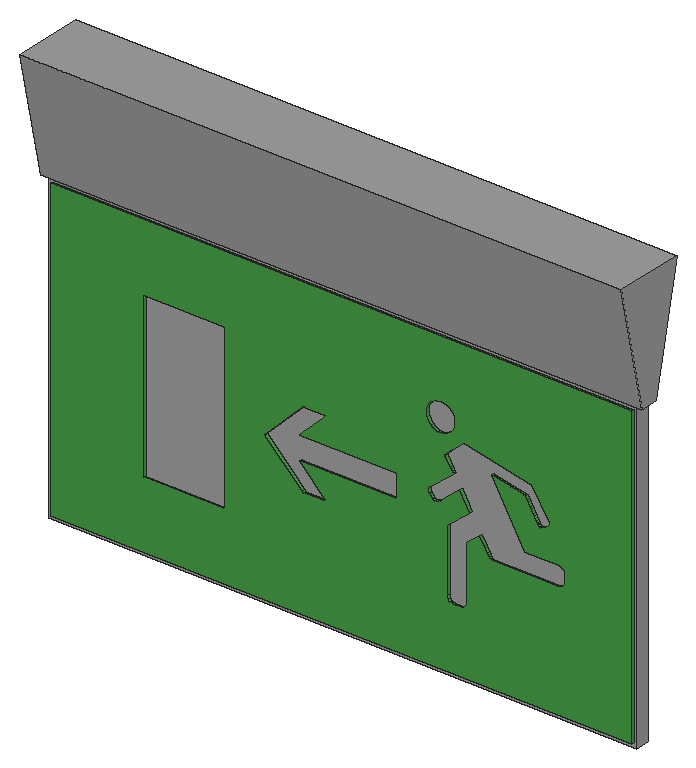
Revit family "ExiLED M ST LED (venstre_takmontasje)", category Lighting Fixtures, Revit 2013
Parameters (values of type "44m")
  Width Top = 53 mm
  Width = 10 mm
  Wattage Comments = "17 W"
  Wattage = 9.2903 W
  built-in parameter 1150110 = 1 (stored number, unit not read)
  Voltage = 230 V
  URL = ""
  built-in parameter 1114217 = 1 (stored number, unit not read)
  Tilt Angle = 90.00°
  built-in parameter 1150109 = 1 (stored number, unit not read)
  built-in parameter 1150134 = 3
  Symbol Positive Direction [instance] = yes
  Symbol Offset Side [instance] = 0 mm
  Symbol Offset Out [instance] = 0 mm
  built-in parameter 1150113 = 1 (stored number, unit not read)
  Reference Line Out [instance] = 31.983 mm
  Photometric Web File = "20x42A12.ies"
  Number of Poles = 1
  built-in parameter 1150105 = 109.82 (stored number, unit not read)
  Lumens = 1380 lm
  built-in parameter 1150115 = 1 (stored number, unit not read)
  Load Classification [instance] = Other
  Model = ""
  Manufacturer = ""
  built-in parameter 1150137 = (empty or 0)
  built-in parameter 1150139 = (empty or 0)
  Length = 455 mm
  built-in parameter 1150112 = 1 (stored number, unit not read)
  built-in parameter 1150114 = 1 (stored number, unit not read)
  Lamp = "1"
  built-in parameter 1150132 = (empty or 0)
  built-in parameter 1150102 = (empty or 0)
  built-in parameter 1150107 = 3200 (stored number, unit not read)
  built-in parameter 1150138 = (empty or 0)
  built-in parameter 1150106 = 1.0982 (stored number, unit not read)
  Height 1 = 232 mm
  Height = 322 mm
  built-in parameter 1150127 = Width  # 10 mm
  Emit from Rectangle Length = Length  # 455 mm
  Emit Shape Visible in Rendering = no
  built-in parameter 1150104 = 13.8 (stored number, unit not read)
  Dimming Lamp Color Temperature Shift = <None>
  Description = ""
  Color Filter = 16777215
  Body Material and Colour = Default
  built-in parameter 1114218 = 1 (stored number, unit not read)
  Emit from Rectangle Width = 3048 mm
  Assembly Code = ""
  Apparent Load = 17 VA
  44m = yes
  34m = no
  22m = no
Types (3, lengths in mm): name | Length | Height 1 | Height | Emit from Rectangle Length | 44m | 34m | 22m
  22m | 265 | 132 | 222 | 265 | no | no | yes
  34 m | 365 | 182 | 272 | 365 | no | yes | no
  44m | 455 | 232 | 322 | 455 | yes | no | no
Reference planes
  plane 1 "Light Source Axis (F/B)": y = 119.961
  plane 2 "Top": z = 83
  plane 3 "Light Source Axis (L/R)": x = 0
  plane 4 "Level": z = 0
  plane 5 "Bottom": z = -322
  plane 6: x = -227.5
  plane 7: x = 227.5
  plane 8: y = 124.961
  plane 9: y = 114.961
  plane 10: y = 126.961
  plane 11: y = 112.961
  plane 12: z = -90
  plane 13: y = 146.461
  plane 14: y = 93.461
  plane 15: x = -222.5
  plane 16: x = 222.5
  plane 17: z = -206
Forms (mm)
  Extrusion 1, solid, material "Default" <- "Body Material and Colour"
    sketch origin (0, 0, 0) x (0, 1, 0) y (0, 0, 1)
      loop
        line (124.961, -90) -> (114.961, -90) -> (114.961, -322) -> (124.961, -322) -> (124.961, -90)
    from -222.5 to 222.5
  Extrusion 2, solid, material "Default" <- "Body Material and Colour"
    sketch origin (0, 0, 0) x (0, 1, 0) y (0, 0, 1)
      loop
        line (93.461, 0) -> (112.961, -90) -> (126.961, -90) -> (146.461, 0) -> (93.461, 0)
    from -227.5 to 227.5
Lines and regions (mm)
  model lines, style "InvisibleLines"
    curve 1: line (0, 119.961, 0) -> (0, 151.943, 0)
Dimensions and locks
  "Height": plane 4 "Level" to plane 5 "Bottom"
  equal spacing: plane 6, plane 3 "Light Source Axis (L/R)", plane 7
  "Length": plane 6 to plane 7
  equal spacing: plane 8, plane 1 "Light Source Axis (F/B)", plane 9
  "Width": plane 8 to plane 9
  locked: plane 10 to plane 8 at 2
  locked: plane 9 to plane 11 at 2
  equal spacing: plane 13, plane 1 "Light Source Axis (F/B)", plane 14
  "Width Top": plane 13 to plane 14
  locked: plane 15 to plane 6 at 5
  locked: plane 7 to plane 16 at 5
  "Height 1": plane 12 to plane 5 "Bottom"
  equal spacing: plane 12, plane 17, plane 5 "Bottom"
  "Reference Line Out": plane 1 "Light Source Axis (F/B)" to curve 1
  aligned and locked: plane 4 "Level" to level
  aligned and locked: imposter light to plane 5 "Bottom"
  aligned and locked: plane 9 to Extrusion 1 sketch curve
  aligned and locked: plane 8 to Extrusion 1 sketch curve
  aligned and locked: Extrusion 1 sketch curve to plane 12
  aligned and locked: plane 4 "Level" to Extrusion 2 sketch curve
  aligned and locked: plane 12 to Extrusion 2 sketch curve
  aligned and locked: plane 13 to Extrusion 2 sketch curve
  aligned and locked: plane 14 to Extrusion 2 sketch curve
  aligned and locked: plane 11 to Extrusion 2 sketch curve
  aligned and locked: plane 10 to Extrusion 2 sketch curve
  aligned and locked: Extrusion 2 to plane 6
  aligned and locked: plane 7 to Extrusion 2
  aligned and locked: Extrusion 1 to plane 15
  aligned and locked: Extrusion 1 to plane 16
  aligned and locked: Extrusion 1 to plane 8
  aligned and locked: plane 9 to nested 1
  aligned and locked: plane 17 to nested 1
  aligned and locked: plane 3 "Light Source Axis (L/R)" to nested 1
  aligned and locked: plane 9 to nested 3
  aligned and locked: plane 17 to nested 3
  aligned and locked: nested 3 to plane 3 "Light Source Axis (L/R)"
  aligned and locked: plane 3 "Light Source Axis (L/R)" to nested 4
  aligned and locked: plane 9 to nested 4
  aligned and locked: plane 17 to nested 4
  aligned and locked: plane 8 to nested 5
  aligned and locked: plane 8 to nested 6
  aligned and locked: nested 5 to plane 17
  aligned and locked: nested 6 to plane 17
  aligned and locked: plane 3 "Light Source Axis (L/R)" to nested 7
  aligned and locked: plane 1 "Light Source Axis (F/B)" to nested 7
  aligned and locked: plane 1 "Light Source Axis (F/B)" to curve 1
  aligned and locked: plane 3 "Light Source Axis (L/R)" to curve 1
Automatic sketch dimensions
  Extrusion 1 sketch curve to plane 5 "Bottom" = 0 mm
Nested families
  nested 1: "22m_venstre" at (0, 114.961, -206), visible <- "22m", type "22m"
  nested 2: "22m_venstre" at (0, 124.961, -156), visible <- "22m", type "22m"
  nested 3: "34m_venstre" at (0, 114.961, -206), visible <- "34m", type "34m"
  nested 4: "44m_venstre" at (0, 114.961, -206), visible <- "44m", type "44m"
  nested 5: "44m_venstre" at (0, 124.961, -206), visible <- "44m", type "44m"
  nested 6: "34m_venstre" at (0, 124.961, -206), visible <- "34m", type "34m"
  nested 7: "MarkeringslysTakS" at (0, 119.961, 0), type "Type 1"
Connectors
  electrical at (0, 119.961, 0), driven by "Number of Poles", driven by "Load Classification", driven by "Voltage", driven by "Apparent Load"
    settings: on Extrusion 2, index 1, voltage 230 V, apparent load 0 VA, apparent load phase1 17 VA, apparent load phase2 0 VA, apparent load phase3 0 VA, power factor 1, load classification "Other", number of poles 1, system type 31, power factor state 1, is connector primary yes, connector utility no, sub classification motor no, connector description ""
Definition of nested family "22m_venstre"
  Parameters (values of type "22m")
    Material = yes
  Reference planes
    plane 1 "Center (Front/Back)": y = 0
    plane 2: z = 0
    plane 3 "Center (Left/Right)": x = 0
    plane 4: y = -2
  Forms (mm)
    Extrusion 1, solid, material "Green", visible <- "Material"
      sketch origin (0, 0, 0) x (1, 0, 0) y (0, 0, 1)
        loop
          line (-124.5, 63) -> (-124.5, -63) -> (124.5, -63) -> (124.5, 63) -> (-124.5, 63)
        loop
          line (-20.202, -19.415) -> (-8.731, -19.415) -> (-22.113, -6.032) -> (25.681, -6.032) -> (25.681, 5.438) -> (-22.113, 5.438) -> (-8.731, 18.821) -> (-20.202, 18.821) -> (-39.319, -0.297) -> (-20.202, -19.415)
        loop
          circle (47.537, 37.911) r 7
        loop
          line (53.27, 25.598) -> (49.62, 21.947) -> (53.713, 14.858) -> (42.09, 5.106)
          arc (42.09, 5.106) -> (41.405, 3.789) -> (41.851, 2.374) r 1.939
          line (41.851, 2.374) -> (43.513, 0.393)
          arc (43.513, 0.393) -> (44.83, -0.292) -> (46.245, 0.154) r 1.939
          line (46.245, 0.154) -> (56.994, 9.174) -> (61.917, 0.649) -> (50.626, -8.825) -> (50.626, -39.679)
          arc (50.626, -39.679) -> (51.573, -41.964) -> (53.858, -42.911) r 3.232
          line (53.858, -42.911) -> (57.089, -42.911)
          arc (57.089, -42.911) -> (59.374, -41.964) -> (60.321, -39.679) r 3.232
          line (60.321, -39.679) -> (60.321, -13.346) -> (66.839, -7.877) -> (72.002, -16.82) -> (105.564, -16.82)
          arc (105.564, -16.82) -> (107.849, -15.873) -> (108.796, -13.588) r 3.232
          line (108.796, -13.588) -> (108.796, -10.356)
          arc (108.796, -10.356) -> (107.849, -8.071) -> (105.564, -7.125) r 3.232
          line (105.564, -7.125) -> (88.794, -7.125) -> (72.518, 21.066) -> (89.335, 17.791) -> (95.393, 7.3)
          arc (95.393, 7.3) -> (96.619, 6.384) -> (98.128, 6.643) r 1.939
          line (98.128, 6.643) -> (100.367, 8.097)
          arc (100.367, 8.097) -> (101.208, 9.32) -> (100.937, 10.78) r 1.939
          line (100.937, 10.78) -> (92.509, 23.758) -> (58.881, 30.306) -> (53.27, 25.598)
        loop
          line (-59.537, 40.411) -> (-99.537, 40.411) -> (-99.537, -40.411) -> (-59.537, -40.411) -> (-59.537, 40.411)
      from 0 to 2
  Dimensions and locks
    aligned and locked: level to plane 2
    aligned and locked: plane 4 to Extrusion 1
    aligned and locked: Extrusion 1 to plane 1 "Center (Front/Back)"
    aligned and locked: Extrusion 1 to plane 4
Definition of nested family "34m_venstre"
  Parameters (values of type "34m")
    Material = yes
  Reference planes
    plane 1 "Center (Front/Back)": y = 0
    plane 2: z = 0
    plane 3 "Center (Left/Right)": x = 0
    plane 4: y = -2
  Forms (mm)
    Extrusion 1, solid, material "Green", visible <- "Material"
      sketch origin (0, 0, 0) x (1, 0, 0) y (0, 0, 1)
        loop
          line (-177, 88) -> (-177, -88) -> (177, -88) -> (177, 88) -> (-177, 88)
        loop
          line (-27.78, -24.929) -> (-13.051, -24.929) -> (-30.235, -7.745) -> (31.134, -7.745) -> (31.134, 6.983) -> (-30.235, 6.983) -> (-13.051, 24.166) -> (-27.78, 24.166) -> (-52.327, -0.381) -> (-27.78, -24.929)
        loop
          circle (59.197, 48.678) r 8.988
        loop
          line (66.559, 32.868) -> (61.872, 28.181) -> (67.127, 19.078) -> (52.204, 6.556)
          arc (52.204, 6.556) -> (51.324, 4.865) -> (51.897, 3.048) r 2.49
          line (51.897, 3.048) -> (54.031, 0.505)
          arc (54.031, 0.505) -> (55.721, -0.375) -> (57.538, 0.198) r 2.49
          line (57.538, 0.198) -> (71.341, 11.78) -> (77.661, 0.833) -> (63.164, -11.332) -> (63.164, -50.949)
          arc (63.164, -50.949) -> (64.379, -53.883) -> (67.313, -55.098) r 4.149
          line (67.313, -55.098) -> (71.463, -55.098)
          arc (71.463, -55.098) -> (74.397, -53.883) -> (75.612, -50.949) r 4.149
          line (75.612, -50.949) -> (75.612, -17.137) -> (83.981, -10.114) -> (90.611, -21.597) -> (133.705, -21.597)
          arc (133.705, -21.597) -> (136.639, -20.381) -> (137.855, -17.447) r 4.149
          line (137.855, -17.447) -> (137.855, -13.298)
          arc (137.855, -13.298) -> (136.639, -10.364) -> (133.705, -9.148) r 4.149
          line (133.705, -9.148) -> (112.172, -9.148) -> (91.274, 27.049) -> (112.867, 22.844) -> (120.645, 9.373)
          arc (120.645, 9.373) -> (122.22, 8.197) -> (124.157, 8.53) r 2.49
          line (124.157, 8.53) -> (127.032, 10.397)
          arc (127.032, 10.397) -> (128.111, 11.967) -> (127.764, 13.841) r 2.49
          line (127.764, 13.841) -> (116.942, 30.506) -> (73.764, 38.913) -> (66.559, 32.868)
        loop
          line (-78.287, 51.888) -> (-129.647, 51.888) -> (-129.647, -51.888) -> (-78.287, -51.888) -> (-78.287, 51.888)
      from 0 to 2
  Dimensions and locks
    aligned and locked: level to plane 2
    aligned and locked: plane 4 to Extrusion 1
    aligned and locked: Extrusion 1 to plane 1 "Center (Front/Back)"
    aligned and locked: Extrusion 1 to plane 4
Definition of nested family "44m_venstre"
  Parameters (values of type "44m")
    Material = yes
  Reference planes
    plane 1 "Center (Front/Back)": y = 0
    plane 2: z = 0
    plane 3 "Center (Left/Right)": x = 0
    plane 4: y = -2
  Forms (mm)
    Extrusion 1, solid, material "Green", visible <- "Material"
      sketch origin (0, 0, 0) x (1, 0, 0) y (0, 0, 1)
        loop
          line (-220, 113) -> (-220, -113) -> (220, -113) -> (220, 113) -> (-220, 113)
        loop
          line (-27.989, -29.761) -> (-10.405, -29.761) -> (-30.919, -9.247) -> (42.345, -9.247) -> (42.345, 8.337) -> (-30.919, 8.337) -> (-10.405, 28.851) -> (-27.989, 28.851) -> (-57.295, -0.455) -> (-27.989, -29.761)
        loop
          circle (75.849, 58.115) r 10.73
        loop
          line (84.638, 39.24) -> (79.042, 33.644) -> (85.317, 22.776) -> (67.5, 7.827)
          arc (67.5, 7.827) -> (66.45, 5.809) -> (67.134, 3.639) r 2.972
          line (67.134, 3.639) -> (69.681, 0.603)
          arc (69.681, 0.603) -> (71.699, -0.447) -> (73.869, 0.237) r 2.972
          line (73.869, 0.237) -> (90.347, 14.064) -> (97.892, 0.994) -> (80.585, -13.528) -> (80.585, -60.825)
          arc (80.585, -60.825) -> (82.036, -64.328) -> (85.539, -65.779) r 4.954
          line (85.539, -65.779) -> (90.492, -65.779)
          arc (90.492, -65.779) -> (93.995, -64.328) -> (95.446, -60.825) r 4.954
          line (95.446, -60.825) -> (95.446, -20.459) -> (105.438, -12.075) -> (113.353, -25.783) -> (164.801, -25.783)
          arc (164.801, -25.783) -> (168.304, -24.332) -> (169.755, -20.829) r 4.954
          line (169.755, -20.829) -> (169.755, -15.876)
          arc (169.755, -15.876) -> (168.304, -12.373) -> (164.801, -10.922) r 4.954
          line (164.801, -10.922) -> (139.094, -10.922) -> (114.144, 32.293) -> (139.923, 27.273) -> (149.208, 11.19)
          arc (149.208, 11.19) -> (151.089, 9.786) -> (153.401, 10.183) r 2.972
          line (153.401, 10.183) -> (156.834, 12.413)
          arc (156.834, 12.413) -> (158.123, 14.287) -> (157.708, 16.524) r 2.972
          line (157.708, 16.524) -> (144.788, 36.42) -> (93.24, 46.457) -> (84.638, 39.24)
        loop
          line (-88.287, 61.947) -> (-149.604, 61.947) -> (-149.604, -61.947) -> (-88.287, -61.947) -> (-88.287, 61.947)
      from 0 to 2
  Dimensions and locks
    aligned and locked: level to plane 2
    aligned and locked: plane 4 to Extrusion 1
    aligned and locked: Extrusion 1 to plane 1 "Center (Front/Back)"
    aligned and locked: Extrusion 1 to plane 4
Definition of nested family "MarkeringslysTakS"
  Parameters (values of type "Type 1")
    CQ Symbol Positive Direction = yes
    CQ Symbol Negative Direction = not(CQ Symbol Positive Direction)  # no
    CQ Symbol Offset Side = 0 mm
    CQ Symbol Offset Out = 0 mm
  Reference planes
    plane 1: y = 0
    plane 2: x = 0
  Dimensions and locks
    "CQ Symbol Offset Out": plane 1 to nested 1
    "CQ Symbol Offset Out": plane 1 to nested 2
    "CQ Symbol Offset Side": plane 2 to nested 2
    "CQ Symbol Offset Side": nested 1 to plane 2
  Nested families
    nested 1: "LedelysSub" at (0, 0, 0), visible <- "CQ Symbol Negative Direction", type "Type 1"
    nested 2: "LedelysSub" at (0, 0, 0), visible <- "CQ Symbol Positive Direction", type "Type 1"
  Definition of nested family "LedelysSub"
    Reference planes
      plane 1: y = 0
      plane 2: x = 0
    Lines and regions (mm)
      Filled region 1, type "Filled region 1"
        outline origin (64.576, 51.459, 0) x (1, 0, 0) y (0, 1, 0)
          loop
            arc (-65.575, -52.307) -> (-65.224, -51.459) -> (-65.575, -50.61) r 1.2
            line (-65.575, -50.61) -> (-66.424, -51.459) -> (-65.575, -52.307)
      Filled region 2, type "Filled region 1"
        outline origin (-68.271, 51.459, 0) x (0, 1, 0) y (-1, 0, 0)
          loop
            line (-52.307, -65.575) -> (-51.459, -66.424) -> (-50.61, -65.575)
            arc (-50.61, -65.575) -> (-51.459, -65.224) -> (-52.307, -65.575) r 1.2
      detail lines
        curve 1: line (-4, -2, 0) -> (4, -2, 0)
        curve 2: line (4, -2, 0) -> (4, 2, 0)
        curve 3: line (4, 2, 0) -> (-4, 2, 0)
        curve 4: line (-4, 2, 0) -> (-4, -2, 0)
        curve 5: line (-3.097, -1.25, 0) -> (-0.597, 1.25, 0)
        curve 6: line (-3.097, 1.25, 0) -> (-0.597, -1.25, 0)
        curve 7: circle (-1.847, 0, 0) r 1.2 normal (0, 0, 1)
    Text (mm)
      text "ML" at (2.179, 1.025, 0)
    Dimensions and locks
      aligned and locked: Filled region 1 sketch curve to curve 7
